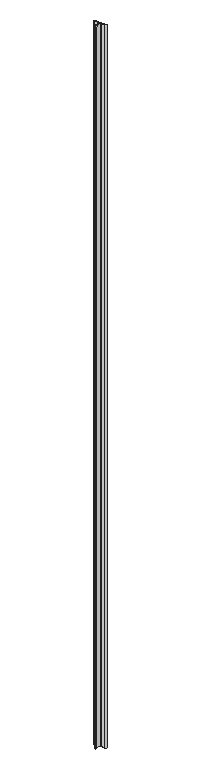
Revit family
Parameters (values of type "2C 75x40x5/7")
  y = 7.2 mm
  공간 = 0 mm
  기둥 재료 [instance] = 금속 - 스틸 - 345 MPa
  A = 285.40 mm²
  Assembly Code = "B10"
  W = 0.022
  b = 25 mm
  d = 25 mm
  t = 3 mm
  k = 6 mm
  R1 = t * 2  # 6 mm
Reference planes
  plane 1: y = 0
  plane 2: z = 0
  plane 3: x = 0
  plane 4: y = 7.2
  plane 5: y = -17.8
  plane 6: x = 0
  plane 7: x = 0
  plane 8: x = -25
  plane 9: x = 25
  plane 10: x = -22
  plane 11: y = -14.8
  plane 12: x = 22
  plane 13: x = -6
  plane 14: x = 6
  plane 15: y = 1.2
Forms (mm)
  Extrusion 1, solid, material "금속 - 스틸 - 345 MPa" <- "기둥 재료", detail levels medium
    sketch origin (0, 0, 0) x (1, 0, 0) y (0, 1, 0)
      loop
        line (-25, 7.2) -> (-25, 4.2) -> (-3, 4.2) -> (-3, -17.8) -> (0, -17.8) -> (0, 7.2) -> (-25, 7.2)
    from 0 to 2700
  Extrusion 2, solid, material "금속 - 스틸 - 345 MPa" <- "기둥 재료", detail levels medium
    sketch origin (0, 0, 0) x (-1, 0, 0) y (0, -1, 0)
      loop
        line (-25, -7.2) -> (0, -7.2) -> (0, 17.8) -> (-3, 17.8) -> (-3, -4.2) -> (-25, -4.2) -> (-25, -7.2)
    from 0 to 2700
  Extrusion 3, solid, material "금속 - 스틸 - 345 MPa" <- "기둥 재료", detail levels fine
    sketch origin (0, 0, 0) x (1, 0, 0) y (0, 1, 0)
      loop
        arc (-25, 7.2) -> (-24.121, 5.079) -> (-22, 4.2) r 3
        line (-22, 4.2) -> (-6, 4.2)
        arc (-6, 4.2) -> (-3.879, 3.321) -> (-3, 1.2) r 3
        line (-3, 1.2) -> (-3, -14.8)
        arc (-3, -14.8) -> (-2.121, -16.921) -> (0, -17.8) r 3
        line (0, -17.8) -> (0, 7.2) -> (-25, 7.2)
    from 0 to 2700
  Extrusion 4, solid, material "금속 - 스틸 - 345 MPa" <- "기둥 재료", detail levels fine
    sketch origin (0, 0, 0) x (-1, 0, 0) y (0, -1, 0)
      loop
        line (-25, -7.2) -> (0, -7.2) -> (0, 17.8)
        arc (0, 17.8) -> (-2.121, 16.921) -> (-3, 14.8) r 3
        line (-3, 14.8) -> (-3, -1.2)
        arc (-3, -1.2) -> (-3.879, -3.321) -> (-6, -4.2) r 3
        line (-6, -4.2) -> (-22, -4.2)
        arc (-22, -4.2) -> (-24.121, -5.079) -> (-25, -7.2) r 3
    from 0 to 2700
Lines and regions (mm)
  symbolic lines, style "숨겨진 면", detail levels medium+fine
    curve 1: line (-3, 0, 0) -> (-3, 0, 2700)
    curve 2: line (3, 0, 2700) -> (3, 0, 0)
  symbolic lines, style "StructuralColumnStickSymbols", detail levels coarse
    curve 3: line (-25, 7.2, 0) -> (0, 7.2, 0)
    curve 4: line (0, 7.2, 0) -> (0, -17.8, 0)
    curve 5: line (25, 7.2, 0) -> (0, 7.2, 0)
    curve 6: line (0, 7.2, 0) -> (0, -17.8, 0)
Dimensions and locks
  "y": plane 1 to plane 4
  "d": plane 5 to plane 4
  equal spacing: plane 7, plane 3, plane 6
  "공간": plane 7 to plane 6
  "b": plane 8 to plane 7
  "b": plane 6 to plane 9
  "t": Extrusion 1 sketch curve to plane 4
  "t": Extrusion 1 sketch curve to plane 7
  "t": plane 6 to Extrusion 2 sketch curve
  "t": plane 4 to Extrusion 2 sketch curve
  "t": plane 8 to plane 10
  "t": plane 12 to plane 9
  "t": plane 5 to plane 11
  "R1": plane 13 to plane 7
  "R1": plane 6 to plane 14
  "R1": plane 15 to plane 4
  "t": radius of Extrusion 3 sketch curve  (x3)
  "t": radius of Extrusion 4 sketch curve  (x3)
  aligned and locked: level to plane 2
  aligned and locked: level to curve 2  (x2)
  aligned and locked: level to curve 1  (x2)
  aligned and locked: plane 4 to Extrusion 1 sketch curve
  aligned and locked: plane 7 to Extrusion 1 sketch curve
  aligned and locked: plane 8 to Extrusion 1 sketch curve
  aligned and locked: plane 5 to Extrusion 1 sketch curve  (x2)
  aligned and locked: Extrusion 2 to plane 4
  aligned and locked: Extrusion 2 to plane 6
  aligned and locked: plane 5 to Extrusion 2
  aligned and locked: plane 9 to Extrusion 2
  aligned and locked: Extrusion 1 to level
  aligned and locked: level to Extrusion 1
  aligned and locked: plane 4 to Extrusion 3 sketch curve  (x2)
  aligned and locked: plane 7 to Extrusion 3 sketch curve  (x2)
  aligned and locked: plane 10 to Extrusion 3 sketch curve
  aligned and locked: plane 11 to Extrusion 3 sketch curve
  aligned and locked: plane 15 to Extrusion 3 sketch curve
  aligned and locked: plane 13 to Extrusion 3 sketch curve
  aligned and locked: plane 6 to Extrusion 4 sketch curve
  aligned and locked: plane 11 to Extrusion 4 sketch curve
  aligned and locked: plane 15 to Extrusion 4 sketch curve
  aligned and locked: plane 14 to Extrusion 4 sketch curve
  aligned and locked: plane 12 to Extrusion 4 sketch curve
  aligned and locked: plane 4 to Extrusion 4 sketch curve
  aligned and locked: Extrusion 4 sketch curve to plane 4
  aligned and locked: Extrusion 4 sketch curve to plane 6
  aligned and locked: plane 8 to curve 3
  aligned and locked: plane 7 to curve 4
  aligned and locked: plane 4 to curve 3
  aligned and locked: plane 5 to curve 4
  aligned and locked: Extrusion 1 to plane 7
  aligned and locked: curve 5 to plane 4
  aligned and locked: curve 6 to plane 6
  aligned and locked: plane 5 to curve 6
  aligned and locked: plane 9 to curve 5
  aligned and locked: Extrusion 3 to level
  aligned and locked: Extrusion 2 to level
  aligned and locked: level to Extrusion 3
  aligned and locked: level to Extrusion 2
  aligned and locked: Extrusion 4 to level
  aligned and locked: level to Extrusion 4
  aligned and locked: curve 1 to Extrusion 1
  aligned and locked: curve 2 to Extrusion 2
Automatic sketch dimensions
  Extrusion 2 sketch curve to plane 9 = 0 mm
  Extrusion 2 sketch curve to plane 4 = 0 mm
  Extrusion 2 sketch curve to plane 6 = 0 mm
  Extrusion 2 sketch curve to plane 5 = 0 mm
